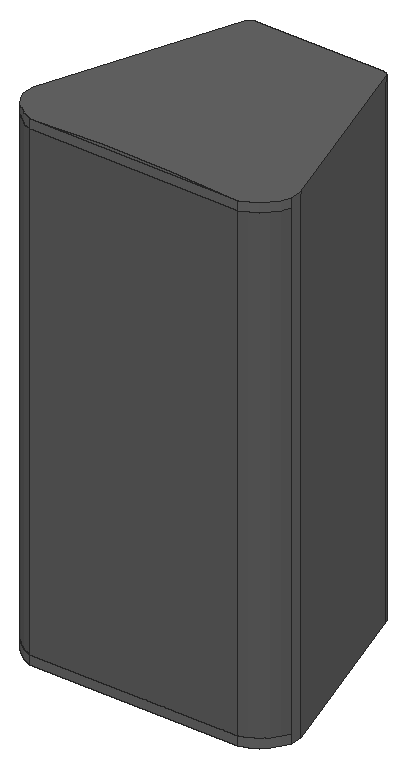
Revit family "AP-5152", category Communication Devices, Revit 2012
Parameters
  Width = 445 mm
  Weight Product (lb) = 80
  Weight Product (kg) = 36.2
  Weight Dimensional (lb) = 90
  Weight Dimensional (kg) = 41
  URL = "http://www.qsc.com/products/speakers/ap/"
  Taper Offset from Front = 69 mm
  Sensitivity = 96
  SPL Max = 129
  Regulatory Compliance = "RoHS"
  Rear Face Width = 228 mm
  Product Page URL = "http://www.qsc.com/products/speakers/ap/"
  Product Documentation Link = "http://qscmarketing.com/files/2313/5542/5878/AP-5152_SpecSheet_121212.pdf"
  Power Handling = 625
  Model = "AP-5152"
  Manufacturer URL = "www.qscaudio.com"
  Manufacturer = "QSC Audio Products, LLC"
  Impedance = 8
  Height = 813 mm
  Grille Material [instance] = Black Grille
  Grill Rear Offset from Front = 49 mm
  Grill Height = 783 mm
  Grill Apex to Apex = 346 mm
  Enclosure Material [instance] = Black Finish
  Description = "15-inch, Two-way Trapezoidal Enclosure with 75-degree Axisymmetric Coverage\r\n15-inch, Two-way Trapezoidal Enclosure with 75-degree Axisymmetric Coverage"
  Depth = 386 mm
  Default Elevation = 0 mm
  Coverage Vertical = 75.00°
  Coverage Horizontal = 75.00°
Reference planes
  plane 1 "Front": y = 0
  plane 2 "Center (Elevation)": z = 0
  plane 3 "Center (Left/Right)": x = 0
  plane 4 "Back": y = 386
  plane 5 "Left": x = -222.5
  plane 6 "Right": x = 222.5
  plane 7 "Top": z = 406.5
  plane 8 "Bottom": z = -406.5
  plane 9 "Grill Top": z = 391.5
  plane 10 "Grill Bottom": z = -391.5
  plane 11 "Grill Apex Left": x = -173
  plane 12 "Grill Apex Right": x = 173
  plane 13 "Rear Face Left": x = -114
  plane 14 "Rear Face Right": x = 114
  plane 15 "Taper Begin": y = 69
  plane 16 "Grill Rear": y = 49
Forms (mm)
  Extrusion 1, solid, material "Black Finish" <- "Enclosure Material"
    sketch origin (0, 0, -406.5) x (0, -1, 0) y (1, 0, 0)
      loop
        line (-386, 104.647) -> (-386, -104.647)
        arc (-386, -104.647) -> (-383.641, -112.424) -> (-377.36, -117.581) r 14
        line (-377.36, -117.581) -> (-69, -222.5) -> (-49, -222.5)
        arc (-49, -222.5) -> (-18.461, -203.728) -> (0, -173) r 75.608
        spline (0, -173) -> (-2.312, -144.167) -> (-4.204, -115.333) -> (-5.676, -86.5) -> (-6.727, -57.667) -> (-7.358, -28.833) -> (-7.568, 0) -> (-7.358, 28.833) -> (-6.727, 57.667) -> (-5.676, 86.5) -> (-4.204, 115.333) -> (-2.312, 144.167) -> (0, 173)
        arc (0, 173) -> (-18.208, 203.978) -> (-49, 222.5) r 72.923
        line (-49, 222.5) -> (-69, 222.5) -> (-377.36, 117.581)
        arc (-377.36, 117.581) -> (-383.641, 112.424) -> (-386, 104.647) r 14
    from 0 to 813 <- "Height"
  Extrusion 2, void
    sketch origin (0, 0, -391.5) x (0, -1, 0) y (1, 0, 0)
      loop
        line (-49, -222.5) -> (0, -222.5) -> (0, 222.5) -> (-49, 222.5) -> (-49, -222.5)
    from 0 to 783 <- "Grill Height"
  Extrusion 3, solid, material "Black Grille" <- "Grille Material"
    sketch origin (0, 0, -391.5) x (0, -1, 0) y (1, 0, 0)
      loop
        arc (-49, -222.5) -> (-18.461, -203.728) -> (0, -173) r 75.608
        spline (0, -173) -> (-2.312, -144.167) -> (-4.204, -115.333) -> (-5.676, -86.5) -> (-6.727, -57.667) -> (-7.358, -28.833) -> (-7.568, 0) -> (-7.358, 28.833) -> (-6.727, 57.667) -> (-5.676, 86.5) -> (-4.204, 115.333) -> (-2.312, 144.167) -> (0, 173)
        arc (0, 173) -> (-18.208, 203.978) -> (-49, 222.5) r 72.923
        line (-49, 222.5) -> (-49, -222.5)
    from 0 to 783 <- "Grill Height"
Cuts and joins
  Extrusion 2 cuts Extrusion 1
Lines and regions (mm)
  model lines, detail levels fine
    curve 1: line (6.112, 21.654, 406.5) -> (-0.351, 30.169, 406.5)
    curve 2: line (-0.351, 30.169, 406.5) -> (6.112, 21.654, 406.5)
    curve 3: line (-23.783, 22.717, 406.5) -> (-21.342, 31.501, 406.5)
    curve 4: line (-21.342, 31.501, 406.5) -> (-23.783, 22.717, 406.5)
    curve 5: line (-19.705, 16.901, 406.5) -> (-21.527, 33.156, 406.5)
    curve 6: line (-21.527, 33.156, 406.5) -> (-19.705, 16.901, 406.5)
    curve 7: line (14.766, 28.274, 406.5) -> (20.529, 24.04, 406.5)
    curve 8: line (20.529, 24.04, 406.5) -> (14.766, 28.274, 406.5)
  model lines, detail levels medium+fine
    curve 9: line (-56.654, 42.352, 406.5) -> (-68.309, 6.481, 406.5)
    curve 10: arc (-51.571, 44.44, 406.5) -> (-54.319, 43.898, 406.5) -> (-56.654, 42.352, 406.5) r 7.23
    curve 11: line (-51.571, 44.44, 406.5) -> (0, 44.44, 406.5)
    curve 12: line (56.654, 42.352, 406.5) -> (68.309, 6.481, 406.5)
    curve 13: arc (51.571, 44.44, 406.5) -> (54.319, 43.898, 406.5) -> (56.654, 42.352, 406.5) r 7.23
    curve 14: line (51.571, 44.44, 406.5) -> (0, 44.44, 406.5)
Dimensions and locks
  "Depth": plane 4 "Back" to plane 1 "Front"
  equal spacing: plane 5 "Left", plane 3 "Center (Left/Right)", plane 6 "Right"
  "Width": plane 5 "Left" to plane 6 "Right"
  equal spacing: plane 7 "Top", plane 2 "Center (Elevation)", plane 8 "Bottom"
  "Height": plane 7 "Top" to plane 8 "Bottom"
  equal spacing: plane 9 "Grill Top", plane 2 "Center (Elevation)", plane 10 "Grill Bottom"
  "Grill Height": plane 9 "Grill Top" to plane 10 "Grill Bottom"
  equal spacing: plane 11 "Grill Apex Left", plane 3 "Center (Left/Right)", plane 12 "Grill Apex Right"
  "Grill Apex to Apex": plane 11 "Grill Apex Left" to plane 12 "Grill Apex Right"
  equal spacing: plane 13 "Rear Face Left", plane 3 "Center (Left/Right)", plane 14 "Rear Face Right"
  "Rear Face Width": plane 13 "Rear Face Left" to plane 14 "Rear Face Right"
  "Taper Offset from Front": plane 15 "Taper Begin" to plane 1 "Front"
  "Grill Rear Offset from Front": plane 16 "Grill Rear" to plane 1 "Front"
  aligned and locked: plane 2 "Center (Elevation)" to level
  aligned and locked: plane 4 "Back" to Extrusion 1 sketch curve
  aligned and locked: plane 5 "Left" to Extrusion 1 sketch curve
  aligned and locked: Extrusion 1 sketch curve to plane 6 "Right"
  aligned and locked: plane 16 "Grill Rear" to Extrusion 2 sketch curve
  aligned and locked: Extrusion 2 sketch curve to plane 5 "Left"
  aligned and locked: plane 1 "Front" to Extrusion 2 sketch curve
  aligned and locked: Extrusion 2 sketch curve to plane 6 "Right"
  aligned and locked: Extrusion 3 sketch curve to cut or joined group of Extrusion 1, Extrusion 2  (x3)
Automatic sketch dimensions
  Extrusion 1 sketch curve to plane 15 "Taper Begin" = 0 mm  (x2)
  Extrusion 1 sketch curve to plane 16 "Grill Rear" = 0 mm  (x2)
  plane 1 "Front" to Extrusion 1 sketch curve = 0 mm
  Extrusion 1 sketch curve to plane 12 "Grill Apex Right" = 0 mm
  Extrusion 1 sketch curve to plane 11 "Grill Apex Left" = 0 mm
  Extrusion 1 sketch curve to plane 13 "Rear Face Left" = 3.581 mm
  plane 4 "Back" to Extrusion 1 sketch curve = 8.64 mm  (x2)
  Extrusion 1 sketch curve to plane 14 "Rear Face Right" = 3.581 mm
  plane 14 "Rear Face Right" to Extrusion 1 sketch curve = 9.353 mm
  plane 13 "Rear Face Left" to Extrusion 1 sketch curve = 9.353 mm
  Extrusion 1 sketch curve to plane 14 "Rear Face Right" = 38.676 mm
  Extrusion 1 sketch curve to plane 15 "Taper Begin" = 3.194 mm
  Extrusion 3 sketch curve to plane 12 "Grill Apex Right" = 0 mm
  curve 11 to plane 3 "Center (Left/Right)" = 0 mm
  plane 3 "Center (Left/Right)" to curve 1 = 6.112 mm
  curve 2 to curve 1 = 0 mm  (x2)
  curve 7 to curve 1 = 8.654 mm
  curve 8 to curve 7 = 0 mm  (x2)
  curve 8 to curve 7 = 5.763 mm
  curve 7 to curve 8 = 0 mm  (x2)
  curve 13 to plane 16 "Grill Rear" = 11.79 mm
  curve 13 to curve 7 = 31.042 mm
  curve 12 to plane 16 "Grill Rear" = 6.648 mm
  curve 12 to curve 14 = 5.083 mm
  curve 12 to plane 1 "Front" = 6.481 mm
  curve 12 to curve 13 = 16.738 mm
  curve 2 to plane 3 "Center (Left/Right)" = 0.351 mm
  curve 1 to curve 2 = 0 mm  (x2)
  curve 5 to plane 3 "Center (Left/Right)" = 19.705 mm
  curve 6 to curve 5 = 0 mm  (x2)
  curve 5 to curve 3 = 1.637 mm
  curve 4 to plane 16 "Grill Rear" = 17.499 mm
  curve 4 to curve 3 = 0 mm  (x2)
  curve 4 to curve 5 = 0.186 mm
  curve 6 to plane 16 "Grill Rear" = 15.844 mm
  curve 5 to curve 4 = 4.079 mm
  curve 3 to curve 4 = 0 mm
  curve 10 to plane 16 "Grill Rear" = 11.79 mm
  curve 5 to curve 10 = 30.044 mm
  curve 10 to curve 10 = 5.083 mm
  curve 9 to plane 1 "Front" = 6.481 mm
  curve 10 to curve 9 = 16.738 mm
  curve 5 to curve 6 = 0 mm  (x2)
  curve 14 to curve 1 = 14.271 mm
  curve 1 to curve 7 = 1.895 mm
  curve 7 to curve 8 = 4.234 mm
  curve 3 to curve 6 = 5.816 mm
  curve 1 to curve 2 = 8.515 mm
Connectors
  electrical at (0, 386, 0)
    settings: on cut or joined group of Extrusion 1, Extrusion 2, index 1, voltage 0 V, apparent load 0 VA, apparent load phase1 0 VA, apparent load phase2 0 VA, apparent load phase3 0 VA, power factor 1, load classification "Other", number of poles 1, system type 14, power factor state 1, is connector primary yes, connector utility no, sub classification motor no, connector description "Speaker Input (Passive/LF)"
  electrical at (0, 386, 0)
    settings: on cut or joined group of Extrusion 1, Extrusion 2, index 2, voltage 0 V, apparent load 0 VA, apparent load phase1 0 VA, apparent load phase2 0 VA, apparent load phase3 0 VA, power factor 1, load classification "Other", number of poles 1, system type 14, power factor state 1, is connector primary no, connector utility no, sub classification motor no, connector description "Speaker Input (HF)"
